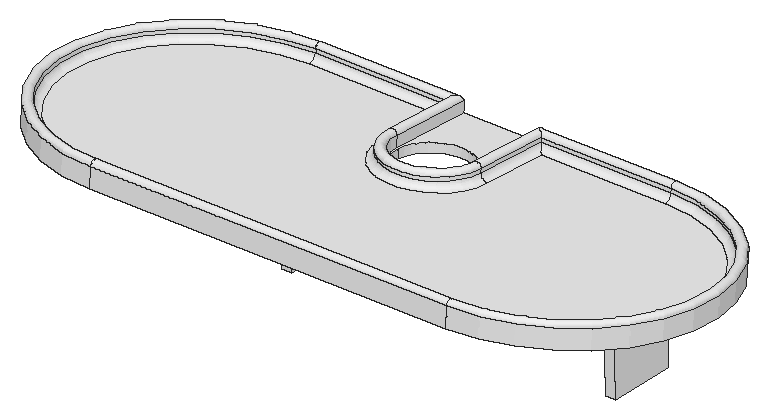
Revit family "EastReach_Tray-Grohe-Tempesta-26770001_Series", category Specialty Equipment, Revit 2019
Family settings
  Round Connector Dimension = Use Diameter
  Part Type = Normal
  OmniClass Number = 23.40.20.21
  OmniClass Title = Toilet and Bath Specialties
  Work Plane-Based = Yes
  Always vertical = No
  Cut with Voids When Loaded = No
  Shared = Yes
  Room Calculation Point = No
Parameters (values of type "26770001")
  Width = 3 15/16"
  URL = "https://www.dxv.com/"
  Model = "26770001"
  Material = "Acrylic-Grohe-001-No Finish"
  Manufacturer = "DXV"
  Length = 8 3/4"
  Installation Type = "Surface Mounted"
  Finish = Acrylic-Grohe-001-No Finish
  Description = "EASYREACH TRAY"
  Default Elevation = 0"
  Creation Date = "02/15/2024"  # constant formula
  Assembly Code = "C1030200"
Reference planes (in)
  plane 1 "Center (Front/Back)": y = 0
  plane 2: z = 0
  plane 3 "Center (Left/Right)": x = 0
  plane 4: x = -4.375
  plane 5: x = 4.375
  plane 6: y = -3.9375
  plane 7: y = -1.125
Forms (in)
  Sweep 1, solid, material "Acrylic-Grohe-001-No Finish" <- "Finish"
    path origin (0, -0.0082757, -0.0676521) x (1, 0, 0) y (0, 0.997898, -0.064801)
      loop
        arc (-2.4083974, 0) -> (-4.3771474, -1.96875) -> (-2.4083974, -3.9375) r 1.96875
        line (-2.4083974, -3.9375) -> (2.3965964, -3.9375)
        arc (2.3965964, -3.9375) -> (4.3653464, -1.96875) -> (2.3965964, 0) r 1.96875
        line (2.3965964, 0) -> (0.5, 0) -> (0.5, -1.1441715)
        arc (0.5, -1.1441715) -> (0, -1.6441715) -> (-0.5, -1.1441715) r 0.5
        line (-0.5, -1.1441715) -> (-0.5, 0) -> (-2.4083974, 0)
    profile origin (-1.4541987, -0.0082757, -0.0676521) x (0, 0.997898, -0.064801) y (0, 0.064801, 0.997898)
      loop
        line (-0.0070876, 0) -> (-0.0070876, 0.2632875)
        arc (-0.0070876, 0.2632875) -> (-0.0693998, 0.3255997) -> (-0.131712, 0.2632875) r 0.0623122
        line (-0.131712, 0.2632875) -> (-0.131712, 0.2168343)
        arc (-0.131712, 0.2168343) -> (-0.1586433, 0.1518164) -> (-0.2236612, 0.1248851) r 0.0919492
        line (-0.2236612, 0.1248851) -> (-0.3498977, 0.1248851) -> (-0.3498977, 0) -> (-0.0070876, 0)
  Extrusion 2, solid, material "Acrylic-Grohe-001-No Finish" <- "Finish"
    sketch origin (0, -0.0082757, -0.0676521) x (1, 0, 0) y (0, 0.997898, -0.064801)
      loop
        line (-2.4083974, -3.7903845) -> (2.3965964, -3.7903845)
        arc (2.3965964, -3.7903845) -> (4.2182309, -1.96875) -> (2.3965964, -0.1471155) r 1.8216345
        line (2.3965964, -0.1471155) -> (0.6471155, -0.1471155) -> (0.6471155, -1.1441715)
        arc (0.6471155, -1.1441715) -> (0, -1.7912871) -> (-0.6471155, -1.1441715) r 0.6471155
        line (-0.6471155, -1.1441715) -> (-0.6471155, -0.1471155) -> (-2.4083974, -0.1471155)
        arc (-2.4083974, -0.1471155) -> (-4.2300318, -1.96875) -> (-2.4083974, -3.7903845) r 1.8216345
      loop
        arc (-0.5, -1.1441715) -> (0, -1.6441715) -> (0.5, -1.1441715) r 0.5
        line (0.5, -1.1441715) -> (0.5, 0.0007795) -> (-0.5, 0.0007795) -> (-0.5, -1.1441715)
      loop
        circle (0, -1.1441715) r 0.4744418
    from 0 to 0.1248851
  Extrusion 3, solid, material "Acrylic-Grohe-001-No Finish" <- "Finish"
    sketch origin (0, 0, 0.4375) x (0, 1, 0) y (0, 0, -1)
      loop
        line (0, 2.5) -> (-0.8853992, 2.5) -> (-0.9324365, 1.1530278) -> (-1.7327696, 1.1530278) -> (-1.7327696, 0.613115)
        arc (-1.7327696, 0.613115) -> (-1.790886, 0.4517278) -> (-1.9385503, 0.3644434) r 0.2531415
        line (-1.9385503, 0.3644434) -> (0, 0.5) -> (0, 2.5)
    from -2.1204984 to -2.2570876
  Extrusion 4, solid, material "Acrylic-Grohe-001-No Finish" <- "Finish"
    sketch origin (0, 0, 0.4375) x (0, 1, 0) y (0, 0, 1)
      loop
        line (0, -2.5) -> (0, -0.5) -> (-1.9385503, -0.3644434)
        arc (-1.9385503, -0.3644434) -> (-1.790886, -0.4517278) -> (-1.7327696, -0.613115) r 0.2531415
        line (-1.7327696, -0.613115) -> (-1.7327696, -1.1530278) -> (-0.9324365, -1.1530278) -> (-0.8853992, -2.5) -> (0, -2.5)
    from -2.1204984 to -2.2570876
Cuts and joins
  joined: Sweep 1, Extrusion 2
Lines and regions (in)
  Masking region 1
    outline origin (0, 0, 0) x (1, 0, 0) y (0, 1, 0)
      loop
        spline (-2.4083974, 0.0002766) -> (-2.916113, -0.0666911) -> (-3.3892286, -0.2630306) -> (-3.7955022, -0.5753616) -> (-4.1072469, -0.9823994) -> (-4.3032178, -1.4564048) -> (-4.3700598, -1.9650753) -> (-4.3032178, -2.4737459) -> (-4.1072469, -2.9477513) -> (-3.7955022, -3.3547891) -> (-3.3892286, -3.6671201) -> (-2.916113, -3.8634596) -> (-2.4083974, -3.9304273)
        line (-2.4083974, -3.9304273) -> (2.3965964, -3.9304273)
        spline (2.3965964, -3.9304273) -> (2.904312, -3.8634596) -> (3.3774276, -3.6671201) -> (3.7837012, -3.3547891) -> (4.0954459, -2.9477513) -> (4.2914168, -2.4737459) -> (4.3582588, -1.9650753) -> (4.2914168, -1.4564048) -> (4.0954459, -0.9823994) -> (3.7837012, -0.5753616) -> (3.3774276, -0.2630306) -> (2.904312, -0.0666911) -> (2.3965964, 0.0002766)
        line (2.3965964, 0.0002766) -> (-2.4083974, 0.0002766)
  symbolic lines, detail levels medium+fine
    curve 1: line (-0.5070876, 0.0017128, 0) -> (-0.5070876, -1.1500424, 0)
    curve 2: line (-2.4083974, -3.8054273, 0) -> (-2.4083974, -0.1403484, 0)
    curve 3: line (-2.4083974, -0.1403484, 0) -> (-0.6320876, -0.1403484, 0)
    curve 4: line (-0.6320876, -0.1403484, 0) -> (-0.6320876, -1.1500424, 0)
    curve 5: line (0.6320876, -1.1500424, 0) -> (0.6320876, -0.1403484, 0)
    curve 6: line (0.6320876, -0.1403484, 0) -> (2.3965964, -0.1403484, 0)
    curve 7: line (2.3965964, -0.1403484, 0) -> (2.3965964, -3.8054273, 0)
    curve 8: line (2.3965964, -3.8054273, 0) -> (-2.4083974, -3.8054273, 0)
    curve 9: line (0.5, -1.1500424, 0) -> (0.5, 0.0005948, 0)
    curve 11: arc (-0.6320876, -1.1500424, 0) -> (0, -1.78213, 0) -> (0.6320876, -1.1500424, 0) r 0.6320876
    curve 12: arc (-0.5070876, -1.1500424, 0) -> (-0.0035438, -1.6535862, 0) -> (0.5, -1.1500424, 0) r 0.5035438
  symbolic lines, detail levels fine
    curve 10: spline (0.4744418, -1.1419498, 0) -> (0.4582756, -1.2644863, 0) -> (0.4108787, -1.3786722, 0) -> (0.335481, -1.4767258, 0) -> (0.2372209, -1.5519649, 0) -> (0.1227946, -1.5992622, 0) -> (0, -1.6153945, 0) -> (-0.1227946, -1.5992622, 0) -> (-0.2372209, -1.5519649, 0) -> (-0.335481, -1.4767258, 0) -> (-0.4108787, -1.3786722, 0) -> (-0.4582756, -1.2644863, 0) -> (-0.4744418, -1.1419498, 0) -> (-0.4582756, -1.0194133, 0) -> (-0.4108787, -0.9052275, 0) -> (-0.335481, -0.8071739, 0) -> (-0.2372209, -0.7319347, 0) -> (-0.1227946, -0.6846374, 0) -> (0, -0.6685052, 0) -> (0.1227946, -0.6846374, 0) -> (0.2372209, -0.7319347, 0) -> (0.335481, -0.8071739, 0) -> (0.4108787, -0.9052275, 0) -> (0.4582756, -1.0194133, 0) -> (0.4744418, -1.1419498, 0)
Dimensions and locks (in)
  equal spacing: plane 4, plane 3 "Center (Left/Right)", plane 5
  "Length": plane 4 to plane 5
  "Width": plane 6 to plane 1 "Center (Front/Back)"
  plane 7 to plane 6 = 2 13/16"
  aligned and locked: Extrusion 2 to Sweep 1
Automatic sketch dimensions
  Sweep 1 sketch curve to plane 3 "Center (Left/Right)" = 0"
  Sweep 1 sketch curve to plane 3 "Center (Left/Right)" = 1/2"
  plane 4 to Sweep 1 sketch curve = 1.9666"
  plane 5 to Sweep 1 sketch curve = 1.9784"
  Sweep 1 sketch curve to Sweep 1 sketch curve = 1 31/32"  (x2)
  Sweep 1 sketch curve to Sweep 1 sketch curve = 1.14417"
  Sweep 1 sketch curve to profile plane = 0"
  profile plane to Sweep 1 sketch curve = 0.12489"
  profile plane to Sweep 1 sketch curve = 0.3499"
  Sweep 1 sketch curve to Sweep 1 sketch curve = 0.12624"
  Sweep 1 sketch curve to Sweep 1 sketch curve = 0.09195"
  Sweep 1 sketch curve to Sweep 1 sketch curve = 0.06231"
  Sweep 1 sketch curve to Sweep 1 sketch curve = 0.04645"
  Extrusion 2 sketch curve to Extrusion 2 sketch curve = 0"  (x6)
  Extrusion 2 sketch curve to plane 3 "Center (Left/Right)" = 0"
  Extrusion 2 sketch curve to plane 3 "Center (Left/Right)" = 1/2"
  Extrusion 2 sketch curve to Extrusion 2 sketch curve = 0.14712"
  plane 4 to Extrusion 2 sketch curve = 1.9666"
  plane 5 to Extrusion 2 sketch curve = 1.9784"
  Extrusion 2 sketch curve to Extrusion 2 sketch curve = 1.82163"  (x2)
  Extrusion 2 sketch curve to Extrusion 2 sketch curve = 0.99706"
  Extrusion 2 sketch curve to Extrusion 2 sketch curve = 0.1479"
  Extrusion 3 sketch curve to plane 1 "Center (Front/Back)" = 0"
  plane 7 to Extrusion 3 sketch curve = 0.2396"
  plane 7 to Extrusion 3 sketch curve = 0.19256"
  Extrusion 3 sketch curve to plane 7 = 0.60777"
  level to Extrusion 3 sketch curve = 0.07306"
  Extrusion 3 sketch curve to Extrusion 3 sketch curve = 0.20578"
  Extrusion 3 sketch curve to level = 0.17561"
  Extrusion 3 sketch curve to level = 1/16"
  Extrusion 3 sketch curve to level = 0.71553"
  Extrusion 3 sketch curve to Extrusion 3 sketch curve = 1.34697"
  Extrusion 4 sketch curve to plane 1 "Center (Front/Back)" = 0"
  plane 7 to Extrusion 4 sketch curve = 0.2396"
  plane 7 to Extrusion 4 sketch curve = 0.19256"
  Extrusion 4 sketch curve to plane 7 = 0.60777"
  level to Extrusion 4 sketch curve = 0.07306"
  Extrusion 4 sketch curve to Extrusion 4 sketch curve = 0.20578"
  Extrusion 4 sketch curve to level = 0.17561"
  Extrusion 4 sketch curve to level = 0.71553"
  Extrusion 4 sketch curve to Extrusion 4 sketch curve = 1.34697"
  Extrusion 4 sketch curve to level = 1/16"
  plane 6 to Masking region 1 sketch curve = 0.00707"
  plane 4 to Masking region 1 sketch curve = 1.9666"
  plane 5 to Masking region 1 sketch curve = 1.9784"
  plane 4 to Masking region 1 sketch curve = 0.00494"
  plane 5 to Masking region 1 sketch curve = 0.01674"
  Masking region 1 sketch curve to plane 7 = 0.84008"
  curve 10 to plane 3 "Center (Left/Right)" = 0"
  curve 11 to plane 3 "Center (Left/Right)" = 0"
  curve 12 to plane 3 "Center (Left/Right)" = 0.00354"
  curve 1 to plane 7 = 0.02504"
  curve 1 to curve 12 = 0.50354"
  curve 4 to curve 1 = 1/8"
  plane 6 to curve 8 = 0.13207"
  plane 4 to curve 8 = 1.9666"
  plane 1 "Center (Front/Back)" to curve 6 = 0.14035"
  curve 5 to curve 6 = 1.76451"
  curve 4 to plane 7 = 0.02504"
  plane 1 "Center (Front/Back)" to curve 2 = 0.14035"
  curve 10 to curve 12 = 0.02556"
  curve 11 to curve 10 = 0.00809"
  curve 9 to plane 1 "Center (Front/Back)" = 0.00059"
  curve 1 to plane 1 "Center (Front/Back)" = 0.00171"
  radius of Extrusion 2 sketch curve = 0.47444"
